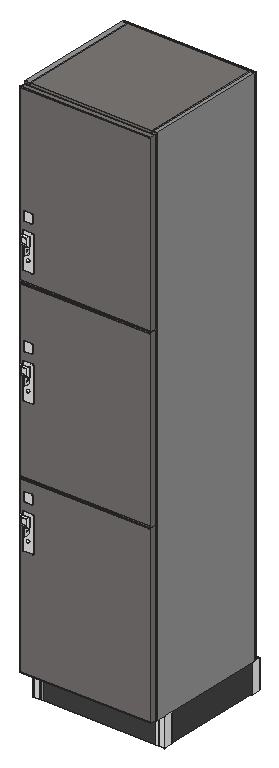
Revit family "Wood_Lockers_Hasps-Salsbury_Industries-18_43000_Series-1_Wide_Units.rfa", category Specialty Equipment, Revit 2016 (continued)
Definition of nested family "Premier Locker Doors_Hasp"
  Dimensions and locks (in)
    locked: plane 46 "Top of Hole" to plane 49 "Bottom of Hole" at 1.25
    plane 49 "Bottom of Hole" to plane 50 "Stud Alignment" = 0.750"
    locked: plane 42 to plane 51 "Center of Handle" at 0.625
    plane 52 to plane 51 "Center of Handle" to plane 53 = 0.188" locked, 0.188" locked
    plane 7 "Front of Door" to plane 39 "Front of Knob" = 0.750"
    locked: plane 42 to plane 54 at 0.22204
    locked: plane 55 to plane 45 at 0.22204
    locked: plane 7 "Front of Door" to plane 56 "Front of Latch" at 0.625
    locked: plane 57 to plane 58 at 1
    locked: plane 46 "Top of Hole" to plane 57 at 0.1281
    equal spacing: plane 58, plane 59, plane 57
    locked: plane 60 to plane 5 "Right Side of Door" at 0.594
    locked: plane 57 to plane 61 at 0.0599
    locked: plane 62 to plane 58 at 0.06376
    plane 12 "Bottom of Number Tag" to plane 20 "Top of Lock" = 1.1875"
    aligned and locked: level to plane 2
    aligned and locked: Extrusion 5 to plane 11 "Top of Number Tag"
    aligned and locked: plane 12 "Bottom of Number Tag" to Extrusion 5
    aligned and locked: Extrusion 5 to plane 14 "Right Side of Number Tag"
    aligned and locked: Extrusion 5 to plane 13 "Left Side of Number Tag"
    aligned and locked: plane 29 "Back of Number Plate Inset" to Extrusion 5
    aligned and locked: plane 7 "Front of Door" to Extrusion 5
    aligned and locked: plane 29 "Back of Number Plate Inset" to Extrusion 6
    aligned and locked: plane 7 "Front of Door" to Extrusion 6
    aligned and locked: Extrusion 6 to plane 14 "Right Side of Number Tag"
    aligned and locked: Extrusion 6 to plane 13 "Left Side of Number Tag"
    aligned and locked: Extrusion 6 to plane 11 "Top of Number Tag"
    aligned and locked: plane 12 "Bottom of Number Tag" to Extrusion 6
    aligned and locked: curve 9 to Extrusion 8
    aligned and locked: curve 10 to Extrusion 8
    aligned and locked: curve 11 to Extrusion 8
    aligned and locked: Extrusion 7 to curve 12
    aligned and locked: curve 14 to Extrusion 7
    aligned and locked: curve 16 to plane 7 "Front of Door"
    aligned and locked: curve 19 to Extrusion 8  (x2)
    aligned and locked: curve 21 to Extrusion 8
    aligned and locked: curve 18 to curve 22
    aligned and locked: curve 22 to Extrusion 9  (x2)
    aligned and locked: curve 24 to Extrusion 9
    aligned and locked: curve 25 to Extrusion 10
    aligned and locked: curve 26 to Extrusion 10
    aligned and locked: curve 27 to Extrusion 10
    aligned and locked: plane 20 "Top of Lock" to Extrusion 11 sketch curve
    aligned and locked: Extrusion 11 sketch curve to plane 21 "Bottom of Lock"
    aligned and locked: Extrusion 11 to plane 29 "Back of Number Plate Inset"
    aligned and locked: plane 7 "Front of Door" to Extrusion 11
    aligned and locked: Extrusion 3 to Extrusion 11
    aligned and locked: Sweep 14 to plane 50 "Stud Alignment"  (x2)
    aligned and locked: Extrusion 15 to plane 7 "Front of Door"
    aligned and locked: Extrusion 15 to plane 22 "Front of Hasp Stud"
    aligned and locked: Extrusion 15 to plane 50 "Stud Alignment"
    aligned and locked: Blend 17 to plane 39 "Front of Knob"
    aligned and locked: plane 38 "Inner Knob" to Blend 17
    aligned and locked: plane 6 "Back of Door" to Extrusion 18 sketch curve
    aligned and locked: plane 56 "Front of Latch" to Extrusion 18 sketch curve
    aligned and locked: Extrusion 18 to plane 57
    aligned and locked: plane 58 to Extrusion 18
    aligned and locked: plane 59 to cut or joined group of Extrusion 18, Extrusion 19
    aligned and locked: Extrusion 13 sketch curve to plane 61  (x2)
    aligned and locked: Extrusion 13 sketch curve to plane 62  (x2)
  Automatic sketch dimensions
    Extrusion 1 sketch curve to plane 4 "Left Side of Door" = 0.031"
    plane 5 "Right Side of Door" to Extrusion 1 sketch curve = 0.031"
    level to Extrusion 1 sketch curve = 0.031"
    plane 9 "Top of Door" to Extrusion 1 sketch curve = 0.031"
    Extrusion 2 sketch curve to plane 4 "Left Side of Door" = 0.031"
    plane 5 "Right Side of Door" to Extrusion 2 sketch curve = 0.031"
    level to Extrusion 2 sketch curve = 0.031"
    plane 9 "Top of Door" to Extrusion 2 sketch curve = 0.031"
    Extrusion 3 sketch curve to plane 4 "Left Side of Door" = 0.031"
    plane 5 "Right Side of Door" to Extrusion 3 sketch curve = 0.031"
    level to Extrusion 3 sketch curve = 0.031"
    plane 9 "Top of Door" to Extrusion 3 sketch curve = 0.031"
    plane 23 "Left Side of Door-Right Side of Trim" to Sweep 4 sketch curve = 0.000"
    plane 24 "Right Side of Door-Left Side of Trim" to Sweep 4 sketch curve = 0.000"  (x2)
    Sweep 4 sketch curve to plane 26 "Bottom of Door-Top of Trim" = 0.000"
    Sweep 4 sketch curve to plane 25 "Top of Door-Bottom of Trim" = 0.000"
    profile plane to Sweep 4 sketch curve = 0.125"
    Sweep 4 sketch curve to Sweep 4 sketch curve = 0.031"
    Sweep 4 sketch curve to plane 1 "Center (Front/Back)" = 0.375"
    plane 1 "Center (Front/Back)" to Sweep 4 sketch curve = 0.375"
    Extrusion 7 sketch curve to plane 33 = 0.000"
    Extrusion 7 sketch curve to plane 34 = 0.000"
    plane 36 to Extrusion 8 sketch curve = 0.000"
    Extrusion 8 sketch curve to Extrusion 8 sketch curve = 0.500"
    plane 35 "Top Hinge" to Extrusion 8 sketch curve = 0.250"
    Extrusion 8 sketch curve to plane 35 "Top Hinge" = 0.250"
    plane 36 to Extrusion 9 sketch curve = 0.000"
    Extrusion 9 sketch curve to Extrusion 9 sketch curve = 0.500"
    plane 37 "Bottom Hinge" to Extrusion 9 sketch curve = 0.250"
    Extrusion 9 sketch curve to plane 37 "Bottom Hinge" = 0.250"
    plane 36 to Extrusion 10 sketch curve = 0.000"
    Extrusion 10 sketch curve to Extrusion 10 sketch curve = 0.500"
    curve 4 to level = 0.000"
    plane 4 "Left Side of Door" to curve 4 = 0.000"
    plane 5 "Right Side of Door" to curve 3 = 0.000"
    curve 3 to plane 9 "Top of Door" = 0.000"
    Extrusion 5 sketch curve to plane 13 "Left Side of Number Tag" = 0.000"
    Extrusion 5 sketch curve to plane 12 "Bottom of Number Tag" = 0.000"
    Extrusion 5 sketch curve to plane 11 "Top of Number Tag" = 0.000"
    Extrusion 5 sketch curve to plane 14 "Right Side of Number Tag" = 0.000"
    Extrusion 6 sketch curve to plane 13 "Left Side of Number Tag" = 0.000"
    Extrusion 6 sketch curve to plane 12 "Bottom of Number Tag" = 0.000"
    Extrusion 6 sketch curve to plane 11 "Top of Number Tag" = 0.000"
    Extrusion 6 sketch curve to plane 14 "Right Side of Number Tag" = 0.000"
    Extrusion 11 sketch curve to plane 13 "Left Side of Number Tag" = 0.125"
    Extrusion 10 sketch curve to plane 10 "Center of Door" = 0.250"
    plane 10 "Center of Door" to Extrusion 10 sketch curve = 0.250"
    Extrusion 11 sketch curve to plane 21 "Bottom of Lock" = 0.125"
    plane 13 "Left Side of Number Tag" to Extrusion 5 sketch curve = 0.14916"
    Extrusion 5 sketch curve to Extrusion 5 sketch curve = 0.14916"  (x2)
    plane 13 "Left Side of Number Tag" to Extrusion 6 sketch curve = 0.14916"
    Extrusion 6 sketch curve to plane 12 "Bottom of Number Tag" = 0.14916"
    plane 13 "Left Side of Number Tag" to Extrusion 11 sketch curve = 0.000"  (x2)
    Extrusion 5 sketch curve to plane 12 "Bottom of Number Tag" = 0.14916"
    Extrusion 6 sketch curve to plane 14 "Right Side of Number Tag" = 0.14916"  (x2)
    plane 14 "Right Side of Number Tag" to Extrusion 11 sketch curve = 0.000"  (x2)
    Extrusion 12 sketch curve to plane 17 "Left Side of Lock" = 0.000"
    plane 13 "Left Side of Number Tag" to Extrusion 12 sketch curve = 0.000"  (x2)
    plane 14 "Right Side of Number Tag" to Extrusion 12 sketch curve = 0.000"  (x2)
    Extrusion 12 sketch curve to plane 20 "Top of Lock" = 0.000"
    Extrusion 12 sketch curve to plane 18 "Right Side of Lock" = 0.000"
    Extrusion 12 sketch curve to plane 21 "Bottom of Lock" = 0.125"
    plane 15 "Horizontal Center of Number Tag" to Sweep 14 sketch curve = 0.000"
    Sweep 14 sketch curve to plane 50 "Stud Alignment" = 0.000"
    Sweep 14 sketch curve to plane 7 "Front of Door" = 0.000"
    Sweep 14 sketch curve to profile plane = 0.000"
    profile plane to Sweep 14 sketch curve = 0.00168"
    profile plane to Sweep 14 sketch curve = 0.156"
    Sweep 14 sketch curve to plane 7 "Front of Door" = 0.03275"
    Extrusion 15 sketch curve to Extrusion 15 sketch curve = 0.000"  (x2)
    Extrusion 15 sketch curve to plane 50 "Stud Alignment" = 0.000"
    plane 15 "Horizontal Center of Number Tag" to Extrusion 15 sketch curve = 0.000"
    plane 15 "Horizontal Center of Number Tag" to Extrusion 15 sketch curve = 0.010"
    plane 13 "Left Side of Number Tag" to Sweep 16 sketch curve = 0.000"
    plane 14 "Right Side of Number Tag" to Sweep 16 sketch curve = 0.000"
    Sweep 16 sketch curve to plane 45 = 0.000"
    Sweep 16 sketch curve to plane 42 = 0.000"
    Sweep 16 sketch curve to plane 7 "Front of Door" = 0.000"
    profile plane to Sweep 16 sketch curve = 0.000"
    profile plane to Sweep 16 sketch curve = 0.22043"
    Sweep 16 sketch curve to Sweep 16 sketch curve = 0.01681"
    profile plane to Sweep 16 sketch curve = 0.33926"
    Sweep 16 sketch curve to Sweep 16 sketch curve = 0.14344"
    Sweep 16 sketch curve to Sweep 16 sketch curve = 0.15329"
    Sweep 16 sketch curve to Sweep 16 sketch curve = 0.59563"
    Sweep 16 sketch curve to Sweep 16 sketch curve = 0.24142"
    Sweep 16 sketch curve to Sweep 16 sketch curve = 0.00858"
    Sweep 16 sketch curve to Sweep 16 sketch curve = 0.51788"
    Sweep 16 sketch curve to Sweep 16 sketch curve = 0.31119"
    Sweep 16 sketch curve to Sweep 16 sketch curve = 0.11721"
    Sweep 16 sketch curve to Sweep 16 sketch curve = 0.01742"
    Sweep 16 sketch curve to Sweep 16 sketch curve = 0.06553"
    Sweep 16 sketch curve to Sweep 16 sketch curve = 0.000"
    Blend 17 sketch curve to plane 54 = 0.000"
    Blend 17 sketch curve to plane 55 = 0.000"
    Blend 17 sketch curve to plane 47 = 0.21496"
    plane 48 to Blend 17 sketch curve = 0.21496"
    plane 54 to Blend 17 sketch curve = 0.03267"
    Blend 17 sketch curve to plane 40 = 0.00461"
    Blend 17 sketch curve to plane 47 = 0.18235"
    plane 48 to Blend 17 sketch curve = 0.18227"
    Extrusion 18 sketch curve to plane 57 = 0.000"
    Extrusion 18 sketch curve to plane 58 = 0.000"
    plane 59 to Extrusion 19 sketch curve = 0.000"
    Extrusion 19 sketch curve to plane 22 "Front of Hasp Stud" = 0.16637"
    curve 29 to plane 14 "Right Side of Number Tag" = 0.000"
    curve 29 to plane 20 "Top of Lock" = 0.000"
    curve 30 to plane 18 "Right Side of Lock" = 0.000"
    curve 29 to plane 13 "Left Side of Number Tag" = 0.000"
    curve 31 to plane 42 = 0.000"
    curve 32 to plane 21 "Bottom of Lock" = 0.125"
    curve 34 to plane 14 "Right Side of Number Tag" = 0.000"
    curve 35 to plane 13 "Left Side of Number Tag" = 0.000"
    plane 15 "Horizontal Center of Number Tag" to curve 37 = 0.000"
    plane 47 to curve 37 = 0.000"
    plane 57 to curve 37 = 0.0599"
    curve 39 to plane 58 = 0.0661"
    curve 42 to plane 14 "Right Side of Number Tag" = 0.000"
    curve 41 to plane 13 "Left Side of Number Tag" = 0.000"
    curve 41 to plane 45 = 0.000"
    curve 43 to plane 42 = 0.000"
    curve 46 to plane 57 = 0.000"
    curve 46 to plane 15 "Horizontal Center of Number Tag" = 0.063"
    plane 15 "Horizontal Center of Number Tag" to curve 45 = 0.063"
    curve 47 to plane 58 = 0.000"
    curve 15 to plane 6 "Back of Door" = 0.000"
    plane 9 "Top of Door" to curve 15 = 0.000"
    plane 57 to curve 49 = 0.000"
    curve 51 to plane 56 "Front of Latch" = 0.000"
    plane 58 to curve 51 = 0.000"
    curve 17 to level = 0.000"
    plane 59 to curve 52 = 0.000"
    curve 53 to plane 22 "Front of Hasp Stud" = 0.16637"
    plane 7 "Front of Door" to curve 53 = 0.04137"
    plane 53 to curve 54 = 0.05633"
    curve 54 to plane 22 "Front of Hasp Stud" = 0.11642"
    plane 55 to curve 55 = 0.00161"
    curve 55 to plane 40 = 0.00465"
    plane 45 to curve 56 = 0.000"
    curve 56 to plane 39 "Front of Knob" = 0.01788"
    curve 56 to plane 40 = 0.08926"
    plane 55 to curve 57 = 0.000"
    curve 57 to plane 40 = 0.03757"
    plane 39 "Front of Knob" to curve 57 = 0.004"
    plane 42 to curve 60 = 0.000"
    curve 58 to plane 39 "Front of Knob" = 0.000"
    plane 54 to curve 58 = 0.000"
    plane 54 to curve 59 = 0.000"
    plane 55 to curve 58 = 0.000"
    curve 60 to plane 39 "Front of Knob" = 0.01788"
    curve 60 to plane 52 = 0.09774"
    plane 54 to curve 60 = 0.03261"
    plane 56 "Front of Latch" to curve 59 = 0.02711"
    plane 54 to curve 59 = 0.06553"
    plane 39 "Front of Knob" to curve 59 = 0.004"
    curve 61 to plane 54 = 0.00161"
    curve 61 to plane 22 "Front of Hasp Stud" = 0.11642"
    plane 6 "Back of Door" to curve 9 = 0.000"
    curve 6 to plane 4 "Left Side of Door" = 0.000"
    plane 7 "Front of Door" to curve 6 = 0.000"
    plane 7 "Front of Door" to curve 28 = 0.000"
    curve 67 to plane 14 "Right Side of Number Tag" = 0.000"
    curve 65 to plane 13 "Left Side of Number Tag" = 0.000"
    curve 66 to plane 39 "Front of Knob" = 0.000"
    curve 28 to plane 17 "Left Side of Lock" = 0.000"
    curve 28 to plane 18 "Right Side of Lock" = 0.000"
    curve 8 to plane 5 "Right Side of Door" = 0.000"
    curve 64 to plane 22 "Front of Hasp Stud" = 0.11642"
    curve 69 to plane 22 "Front of Hasp Stud" = 0.11642"
    curve 68 to plane 39 "Front of Knob" = 0.01788"
    curve 65 to plane 39 "Front of Knob" = 0.01788"
    curve 14 to plane 23 "Left Side of Door-Right Side of Trim" = 0.07537"
    plane 48 to curve 64 = 0.21657"
    plane 48 to curve 65 = 0.09774"
    plane 48 to curve 63 = 0.05633"
    curve 70 to plane 47 = 0.05633"
    curve 68 to plane 47 = 0.09774"
    curve 69 to curve 69 = 0.16024"
    curve 64 to curve 65 = 0.15655"
    curve 69 to curve 68 = 0.15655"
    plane 39 "Front of Knob" to curve 67 = 0.004"
    plane 33 to curve 14 = 0.250"
    curve 66 to curve 65 = 0.11721"
    curve 67 to plane 47 = 0.14943"
    curve 68 to curve 66 = 0.11721"
    curve 67 to curve 66 = 0.000"
    plane 39 "Front of Knob" to curve 71 = 0.004"
    curve 71 to curve 66 = 0.000"
    plane 48 to curve 71 = 0.14943"
    plane 1 "Center (Front/Back)" to curve 73 = 0.000"
    curve 73 to plane 4 "Left Side of Door" = 0.000"
    curve 73 to plane 60 = 0.000"
    plane 48 to Extrusion 13 sketch curve = 0.000"
    plane 15 "Horizontal Center of Number Tag" to Extrusion 13 sketch curve = 0.000"
    radius of Extrusion 7 sketch curve = 0.250"
    radius of Sweep 14 sketch curve = 0.010"
    radius of Extrusion 19 sketch curve = 0.250"
Definition of nested family "Wood Locker Bases"
  Parameters (values of type "Base - 18" W x 18" D Lockers")
    Width = 18.000"
    Visible Base = yes
    Visible = no
    Model = "Base - 18\" W x 18\" D Lockers"
    Manufacturer = "Salsbury Industries"
    Height = 4.000"
    Depth = 16.250"
    Base Secondary Material = none
    Base Primary Materials = none
    Base Hardware = none
  Types (8): name | Width | Visible Base | Visible | Model | Depth
    (no name) | 18.000" | yes | no | "Base - 18\" W x 18\" D Lockers" | 16.250"
    Base - 18" W x 18" D Lockers | 18.000" | yes | no | "Base - 18\" W x 18\" D Lockers" | 16.250"
    Base - 18" W x 21" D Lockers | 18.000" | yes | no | "Base - 18\" W x 21\" D Lockers" | 19.250"
    Base - 18" W x 24" D Lockers | 18.000" | yes | no | "Base - 18\" W x 24\" D Lockers" | 22.250"
    Base - 54" W x 18" D Lockers | 54.000" | yes | yes | "Base - 54\" W x 18\" D Lockers" | 16.250"
    Base - 54" W x 21" D Lockers | 54.000" | yes | yes | "Base - 54\" W x 21\" D Lockers" | 19.250"
    Base - 54" W x 24" D Lockers | 54.000" | yes | yes | "Base - 54\" W x 24\" D Lockers" | 22.250"
    None | 12.000" | no | no | "Base - 12\" W x 15\" D Lockers" | 13.250"
  Reference planes (in)
    plane 1 "Center (Front/Back)": y = 0
    plane 2: z = 0
    plane 3 "Center (Left/Right)": x = 0
    plane 4 "Left Edge": x = -9
    plane 5 "Right Edge": x = 9
    plane 6 "Back Edge": y = 8.125
    plane 7 "Front Edge": y = -8.125
    plane 8 "Bottom Edge": z = 0
    plane 9 "Top Edge": z = 4
    plane 10: x = -7.75
    plane 11: x = -7.102
    plane 12: y = 8.062
    plane 13: y = 7.3
    plane 14: x = -8.131
    plane 15: x = -8.256
    plane 16: x = -8.937
    plane 17: x = -8.175
    plane 18: y = 6.227
    plane 19: y = 6.875
    plane 20: y = 7.256
    plane 21: y = 7.381
    plane 22: x = -8.931
    plane 23: x = 8.931
    plane 24: y = 8.056
    plane 25: y = -8.056
    plane 26: y = 8.025
    plane 27: y = -8.025
    plane 28: x = -8.9
    plane 29: x = 8.9
    plane 30: x = -2.375
    plane 31: x = 2.375
  Forms (in)
    Extrusion 1, solid, material <- "Base Hardware", visible <- "Visible Base"
      sketch origin (0, 0, 0) x (1, 0, 0) y (0, 1, 0)
        loop
          arc (-8.96712, 8.125) -> (-8.99098, 8.11598) -> (-9, 8.09212) r 0.031
          line (-9, 8.09212) -> (-9, 6.9065)
          arc (-9, 6.9065) -> (-8.9685, 6.875) -> (-8.937, 6.9065) r 0.0315
          line (-8.937, 6.9065) -> (-8.937, 7.256) -> (-8.837, 7.256) -> (-8.837, 7.319) -> (-8.937, 7.319) -> (-8.937, 8.01465) -> (-8.256, 7.33365) -> (-8.256, 7.256) -> (-8.175, 7.256) -> (-8.175, 6.25833)
          arc (-8.175, 6.25833) -> (-8.14367, 6.227) -> (-8.11235, 6.25833) r 0.03133
          line (-8.11235, 6.25833) -> (-8.11235, 7.23703) -> (-7.13348, 7.23703)
          arc (-7.13348, 7.23703) -> (-7.102, 7.26852) -> (-7.13348, 7.3) r 0.03148
          line (-7.13348, 7.3) -> (-8.131, 7.3) -> (-8.131, 7.381) -> (-8.21422, 7.381) -> (-8.89522, 8.062) -> (-8.194, 8.062) -> (-8.194, 7.962) -> (-8.131, 7.962) -> (-8.131, 8.062) -> (-7.7814, 8.062)
          arc (-7.7814, 8.062) -> (-7.7499, 8.0935) -> (-7.7814, 8.125) r 0.0315
          line (-7.7814, 8.125) -> (-8.96712, 8.125)
      from 0 to 4
    Extrusion 2, solid, material <- "Base Hardware", visible <- "Visible Base"
      sketch origin (0, 0, 0) x (-1, 0, 0) y (0, -1, 0)
        loop
          line (-8.96712, -8.125) -> (-7.7814, -8.125)
          arc (-7.7814, -8.125) -> (-7.7499, -8.0935) -> (-7.7814, -8.062) r 0.0315
          line (-7.7814, -8.062) -> (-8.131, -8.062) -> (-8.131, -7.962) -> (-8.194, -7.962) -> (-8.194, -8.062) -> (-8.89522, -8.062) -> (-8.21422, -7.381) -> (-8.131, -7.381) -> (-8.131, -7.3) -> (-7.13348, -7.3)
          arc (-7.13348, -7.3) -> (-7.102, -7.26852) -> (-7.13348, -7.23703) r 0.03148
          line (-7.13348, -7.23703) -> (-8.11235, -7.23703) -> (-8.11235, -6.25833)
          arc (-8.11235, -6.25833) -> (-8.14367, -6.227) -> (-8.175, -6.25833) r 0.03133
          line (-8.175, -6.25833) -> (-8.175, -7.256) -> (-8.256, -7.256) -> (-8.256, -7.33365) -> (-8.937, -8.01465) -> (-8.937, -7.319) -> (-8.837, -7.319) -> (-8.837, -7.256) -> (-8.937, -7.256) -> (-8.937, -6.9065)
          arc (-8.937, -6.9065) -> (-8.9685, -6.875) -> (-9, -6.9065) r 0.0315
          line (-9, -6.9065) -> (-9, -8.09212)
          arc (-9, -8.09212) -> (-8.99098, -8.11598) -> (-8.96712, -8.125) r 0.031
      from 0 to 4
    Extrusion 3, solid, material <- "Base Hardware", visible <- "Visible Base"
      sketch origin (0, 0, 0) x (1, 0, 0) y (0, 1, 0)
        loop
          line (-8.96712, -8.125) -> (-7.7814, -8.125)
          arc (-7.7814, -8.125) -> (-7.7499, -8.0935) -> (-7.7814, -8.062) r 0.0315
          line (-7.7814, -8.062) -> (-8.131, -8.062) -> (-8.131, -7.962) -> (-8.194, -7.962) -> (-8.194, -8.062) -> (-8.89522, -8.062) -> (-8.21422, -7.381) -> (-8.131, -7.381) -> (-8.131, -7.3) -> (-7.13348, -7.3)
          arc (-7.13348, -7.3) -> (-7.102, -7.26852) -> (-7.13348, -7.23703) r 0.03148
          line (-7.13348, -7.23703) -> (-8.11235, -7.23703) -> (-8.11235, -6.25833)
          arc (-8.11235, -6.25833) -> (-8.14367, -6.227) -> (-8.175, -6.25833) r 0.03133
          line (-8.175, -6.25833) -> (-8.175, -7.256) -> (-8.256, -7.256) -> (-8.256, -7.33365) -> (-8.937, -8.01465) -> (-8.937, -7.319) -> (-8.837, -7.319) -> (-8.837, -7.256) -> (-8.937, -7.256) -> (-8.937, -6.9065)
          arc (-8.937, -6.9065) -> (-8.9685, -6.875) -> (-9, -6.9065) r 0.0315
          line (-9, -6.9065) -> (-9, -8.09212)
          arc (-9, -8.09212) -> (-8.99098, -8.11598) -> (-8.96712, -8.125) r 0.031
      from 0 to 4
    Extrusion 4, solid, material <- "Base Hardware", visible <- "Visible Base"
      sketch origin (0, 0, 0) x (-1, 0, 0) y (0, -1, 0)
        loop
          arc (-8.96712, 8.125) -> (-8.99098, 8.11598) -> (-9, 8.09212) r 0.031
          line (-9, 8.09212) -> (-9, 6.9065)
          arc (-9, 6.9065) -> (-8.9685, 6.875) -> (-8.937, 6.9065) r 0.0315
          line (-8.937, 6.9065) -> (-8.937, 7.256) -> (-8.837, 7.256) -> (-8.837, 7.319) -> (-8.937, 7.319) -> (-8.937, 8.01465) -> (-8.256, 7.33365) -> (-8.256, 7.256) -> (-8.175, 7.256) -> (-8.175, 6.25833)
          arc (-8.175, 6.25833) -> (-8.14367, 6.227) -> (-8.11235, 6.25833) r 0.03133
          line (-8.11235, 6.25833) -> (-8.11235, 7.23703) -> (-7.13348, 7.23703)
          arc (-7.13348, 7.23703) -> (-7.102, 7.26852) -> (-7.13348, 7.3) r 0.03148
          line (-7.13348, 7.3) -> (-8.131, 7.3) -> (-8.131, 7.381) -> (-8.21422, 7.381) -> (-8.89522, 8.062) -> (-8.194, 8.062) -> (-8.194, 7.962) -> (-8.131, 7.962) -> (-8.131, 8.062) -> (-7.7814, 8.062)
          arc (-7.7814, 8.062) -> (-7.7499, 8.0935) -> (-7.7814, 8.125) r 0.0315
          line (-7.7814, 8.125) -> (-8.96712, 8.125)
      from 0 to 4
    Extrusion 5, solid, material <- "Base Secondary Material", visible <- "Visible Base"
      sketch origin (0, 0, 0) x (0, -1, 0) y (1, 0, 0)
        loop
          line (-7.256, 8.9) -> (-7.256, 8.181) -> (7.25697, 8.181) -> (7.25697, 8.9) -> (-7.256, 8.9)
      from 0 to 4
    Extrusion 6, solid, material <- "Base Secondary Material", visible <- "Visible Base"
      sketch origin (0, 0, 0) x (0, -1, 0) y (1, 0, 0)
        loop
          line (-7.256, -8.9) -> (7.25697, -8.9) -> (7.25697, -8.181) -> (-7.256, -8.181) -> (-7.256, -8.9)
      from 0 to 4
    Extrusion 7, solid, material <- "Base Secondary Material", visible <- "Visible Base"
      sketch origin (-2.05521, 0.625, 0) x (1, 0, 0) y (0, 1, 0)
        loop
          line (-6.07579, 7.4) -> (-6.07579, 6.681) -> (10.18621, 6.681) -> (10.18621, 7.4) -> (-6.07579, 7.4)
      from 0 to 4
    Extrusion 8, solid, material <- "Base Secondary Material", visible <- "Visible Base"
      sketch origin (-2.05521, -0.625, 0) x (1, 0, 0) y (0, 1, 0)
        loop
          line (-6.07579, -7.4) -> (10.18621, -7.4) -> (10.18621, -6.681) -> (-6.07579, -6.681) -> (-6.07579, -7.4)
      from 0 to 4
    Extrusion 9, solid, material <- "Base Primary Materials", visible <- "Visible Base"
      sketch origin (0.76452, 0, 0) x (0, -1, 0) y (1, 0, 0)
        loop
          line (-7.256, 8.16648) -> (-7.256, 8.13548) -> (7.25697, 8.13548) -> (7.25697, 8.16648) -> (-7.256, 8.16648)
      from 0 to 4
    Extrusion 10, solid, material <- "Base Primary Materials", visible <- "Visible Base"
      sketch origin (-0.719, 0, 0) x (0, -1, 0) y (1, 0, 0)
        loop
          line (-7.256, -8.212) -> (7.25697, -8.212) -> (7.25697, -8.181) -> (-7.256, -8.181) -> (-7.256, -8.212)
      from 0 to 4
    Extrusion 11, solid, material <- "Base Primary Materials", visible <- "Visible Base"
      sketch origin (-2.05521, 1.344, 0) x (1, 0, 0) y (0, 1, 0)
        loop
          line (-6.07579, 6.718) -> (-6.07579, 6.681) -> (10.18621, 6.681) -> (10.18621, 6.718) -> (-6.07579, 6.718)
      from 0 to 4
    Extrusion 12, solid, material <- "Base Primary Materials", visible <- "Visible Base"
      sketch origin (-2.05521, -1.344, 0) x (1, 0, 0) y (0, 1, 0)
        loop
          line (-6.07579, -6.712) -> (10.18621, -6.712) -> (10.18621, -6.681) -> (-6.07579, -6.681) -> (-6.07579, -6.712)
      from 0 to 4
    Extrusion 13, solid, material <- "Base Secondary Material", visible <- "Visible"
      sketch origin (0, 0, 4) x (0, -1, 0) y (1, 0, 0)
        loop
          line (-7.306, -2.375) -> (7.306, -2.375) -> (7.306, 2.375) -> (-7.306, 2.375) -> (-7.306, -2.375)
      from 0 to -0.75
    Extrusion 14, solid, material <- "Base Secondary Material", visible <- "Visible"
      sketch origin (0, 0, 0) x (0, -1, 0) y (1, 0, 0)
        loop
          line (-7.306, -2.375) -> (-6.556, -2.375) -> (-6.556, 2.375) -> (-7.306, 2.375) -> (-7.306, -2.375)
      from 0 to 3.25
    Extrusion 15, solid, material <- "Base Secondary Material", visible <- "Visible"
      sketch origin (0, 0, 0) x (0, 1, 0) y (-1, 0, 0)
        loop
          line (-7.306, 2.375) -> (-7.306, -2.375) -> (-6.556, -2.375) -> (-6.556, 2.375) -> (-7.306, 2.375)
      from 0 to 3.25
  Dimensions and locks (in)
    equal spacing: plane 4 "Left Edge", plane 3 "Center (Left/Right)", plane 5 "Right Edge"
    "Width": plane 4 "Left Edge" to plane 5 "Right Edge"
    equal spacing: plane 7 "Front Edge", plane 1 "Center (Front/Back)", plane 6 "Back Edge"
    "Depth": plane 7 "Front Edge" to plane 6 "Back Edge"
    "Height": plane 9 "Top Edge" to plane 8 "Bottom Edge"
    locked: plane 4 "Left Edge" to plane 10 at 1.25
    locked: plane 4 "Left Edge" to plane 11 at 1.898
    locked: plane 12 to plane 6 "Back Edge" at 0.063
    plane 14 to plane 10 = 0.381"
    locked: plane 12 to plane 13 at 0.762
    locked: plane 4 "Left Edge" to plane 16 at 0.063
    locked: plane 16 to plane 17 at 0.762
    locked: plane 19 to plane 6 "Back Edge" at 1.25
    locked: plane 18 to plane 6 "Back Edge" at 1.898
    plane 15 to plane 17 = 0.081"
    plane 21 to plane 13 = 0.081"
    plane 19 to plane 20 = 0.381"
    plane 24 to plane 6 "Back Edge" = 0.069"
    plane 7 "Front Edge" to plane 25 = 0.069"
    plane 23 to plane 5 "Right Edge" = 0.069"
    plane 4 "Left Edge" to plane 22 = 0.069"
    plane 26 to plane 24 = 0.031"
    plane 25 to plane 27 = 0.031"
    plane 22 to plane 28 = 0.031"
    plane 29 to plane 23 = 0.031"
    plane 30 to plane 3 "Center (Left/Right)" to plane 31 = 2.375" locked, 2.375" locked
    aligned and locked: level to plane 2
    aligned and locked: plane 30 to Extrusion 13
    aligned and locked: plane 30 to Extrusion 14
    aligned and locked: plane 30 to Extrusion 15
    aligned and locked: Extrusion 13 to plane 31
    aligned and locked: Extrusion 14 to plane 31
    aligned and locked: Extrusion 15 to plane 31
  Automatic sketch dimensions
    Extrusion 1 sketch curve to plane 4 "Left Edge" = 0.000"
    plane 6 "Back Edge" to Extrusion 1 sketch curve = 0.000"
    Extrusion 1 sketch curve to plane 16 = 0.000"  (x2)
    Extrusion 1 sketch curve to plane 12 = 0.000"  (x2)
    plane 20 to Extrusion 1 sketch curve = 0.000"  (x2)
    Extrusion 1 sketch curve to plane 15 = 0.000"
    plane 21 to Extrusion 1 sketch curve = 0.000"
    Extrusion 1 sketch curve to plane 17 = 0.000"
    Extrusion 1 sketch curve to plane 14 = 0.000"  (x2)
    Extrusion 1 sketch curve to plane 13 = 0.000"
    Extrusion 1 sketch curve to plane 4 "Left Edge" = 0.03094"
    plane 16 to Extrusion 1 sketch curve = 0.03012"
    Extrusion 1 sketch curve to plane 28 = 0.00478"
    Extrusion 1 sketch curve to plane 28 = 0.063"
    plane 17 to Extrusion 1 sketch curve = 0.03922"
    plane 17 to Extrusion 1 sketch curve = 0.019"
    plane 14 to Extrusion 1 sketch curve = 0.01267"
    plane 10 to Extrusion 1 sketch curve = 0.0314"
    plane 11 to Extrusion 1 sketch curve = 0.03148"
    plane 20 to Extrusion 1 sketch curve = 0.01897"
    Extrusion 1 sketch curve to plane 19 = 0.0315"
    Extrusion 1 sketch curve to plane 18 = 0.03133"
    plane 13 to Extrusion 1 sketch curve = 0.019"
    plane 13 to Extrusion 1 sketch curve = 0.03365"
    plane 26 to Extrusion 1 sketch curve = 0.063"
    plane 26 to Extrusion 1 sketch curve = 0.01035"
    plane 12 to Extrusion 1 sketch curve = 0.03012"
    Extrusion 2 sketch curve to plane 5 "Right Edge" = 0.000"
    plane 6 "Back Edge" to Extrusion 2 sketch curve = 0.000"
    plane 20 to Extrusion 2 sketch curve = 0.000"  (x2)
    plane 12 to Extrusion 2 sketch curve = 0.000"  (x2)
    plane 21 to Extrusion 2 sketch curve = 0.000"
    plane 13 to Extrusion 2 sketch curve = 0.000"
    Extrusion 2 sketch curve to plane 5 "Right Edge" = 0.03094"
    Extrusion 2 sketch curve to Extrusion 2 sketch curve = 0.0315"
    Extrusion 2 sketch curve to Extrusion 2 sketch curve = 0.00194"
    plane 23 to Extrusion 2 sketch curve = 0.006"
    Extrusion 2 sketch curve to plane 29 = 0.00478"
    Extrusion 2 sketch curve to plane 29 = 0.063"
    Extrusion 2 sketch curve to plane 13 = 0.03365"
    Extrusion 2 sketch curve to Extrusion 2 sketch curve = 0.581"
    Extrusion 2 sketch curve to Extrusion 2 sketch curve = 0.04178"
    Extrusion 2 sketch curve to plane 26 = 0.063"
    Extrusion 2 sketch curve to Extrusion 2 sketch curve = 0.02022"
    plane 18 to Extrusion 2 sketch curve = 0.03133"
    Extrusion 2 sketch curve to plane 29 = 0.725"
    Extrusion 2 sketch curve to Extrusion 2 sketch curve = 0.03133"
    Extrusion 2 sketch curve to Extrusion 2 sketch curve = 0.063"
    Extrusion 2 sketch curve to Extrusion 2 sketch curve = 0.08322"
    Extrusion 2 sketch curve to Extrusion 2 sketch curve = 0.3496"
    Extrusion 2 sketch curve to Extrusion 2 sketch curve = 0.97886"
    plane 19 to Extrusion 2 sketch curve = 0.0315"
    Extrusion 2 sketch curve to plane 20 = 0.01897"
    Extrusion 2 sketch curve to plane 13 = 0.019"
    Extrusion 2 sketch curve to plane 26 = 0.01035"
    Extrusion 2 sketch curve to plane 12 = 0.03012"
    Extrusion 3 sketch curve to plane 4 "Left Edge" = 0.000"
    plane 7 "Front Edge" to Extrusion 3 sketch curve = 0.000"
    Extrusion 3 sketch curve to plane 16 = 0.000"  (x2)
    Extrusion 3 sketch curve to plane 15 = 0.000"
    Extrusion 3 sketch curve to plane 17 = 0.000"
    Extrusion 3 sketch curve to plane 14 = 0.000"  (x2)
    plane 4 "Left Edge" to Extrusion 3 sketch curve = 0.03094"
    Extrusion 3 sketch curve to plane 16 = 0.03012"
    plane 28 to Extrusion 3 sketch curve = 0.00478"
    plane 28 to Extrusion 3 sketch curve = 0.063"
    Extrusion 3 sketch curve to plane 17 = 0.03922"
    Extrusion 3 sketch curve to plane 17 = 0.019"
    Extrusion 3 sketch curve to plane 14 = 0.01267"
    Extrusion 3 sketch curve to plane 25 = 0.006"  (x2)
    Extrusion 3 sketch curve to plane 10 = 0.0314"
    Extrusion 3 sketch curve to plane 11 = 0.03148"
    plane 27 to Extrusion 3 sketch curve = 0.01035"
    plane 27 to Extrusion 3 sketch curve = 0.063"
    Extrusion 3 sketch curve to Extrusion 3 sketch curve = 0.581"
    Extrusion 3 sketch curve to Extrusion 3 sketch curve = 0.04735"
    Extrusion 3 sketch curve to Extrusion 3 sketch curve = 0.01465"
    Extrusion 3 sketch curve to Extrusion 3 sketch curve = 0.081"
    Extrusion 3 sketch curve to Extrusion 3 sketch curve = 0.03148"
    Extrusion 3 sketch curve to Extrusion 3 sketch curve = 0.044"
    Extrusion 3 sketch curve to Extrusion 3 sketch curve = 0.063"
    Extrusion 3 sketch curve to Extrusion 3 sketch curve = 0.3495"
    Extrusion 3 sketch curve to Extrusion 3 sketch curve = 0.97871"
    plane 7 "Front Edge" to Extrusion 3 sketch curve = 0.03288"
    Extrusion 4 sketch curve to plane 5 "Right Edge" = 0.000"
    plane 7 "Front Edge" to Extrusion 4 sketch curve = 0.000"
    plane 5 "Right Edge" to Extrusion 4 sketch curve = 0.03094"
    Extrusion 4 sketch curve to Extrusion 4 sketch curve = 0.0315"
    Extrusion 4 sketch curve to Extrusion 4 sketch curve = 0.00194"
    Extrusion 4 sketch curve to plane 23 = 0.006"
    plane 29 to Extrusion 4 sketch curve = 0.00478"
    plane 29 to Extrusion 4 sketch curve = 0.063"
    Extrusion 4 sketch curve to Extrusion 4 sketch curve = 0.581"
    Extrusion 4 sketch curve to Extrusion 4 sketch curve = 0.04178"
    Extrusion 4 sketch curve to plane 27 = 0.063"
    Extrusion 4 sketch curve to Extrusion 4 sketch curve = 0.02022"
    plane 29 to Extrusion 4 sketch curve = 0.725"
    Extrusion 4 sketch curve to Extrusion 4 sketch curve = 0.03133"
    Extrusion 4 sketch curve to Extrusion 4 sketch curve = 0.063"  (x2)
    Extrusion 4 sketch curve to Extrusion 4 sketch curve = 0.08322"
    plane 25 to Extrusion 4 sketch curve = 0.006"  (x2)
    Extrusion 4 sketch curve to Extrusion 4 sketch curve = 0.3496"
    Extrusion 4 sketch curve to plane 27 = 0.725"
    Extrusion 4 sketch curve to Extrusion 4 sketch curve = 0.97886"
    Extrusion 4 sketch curve to Extrusion 4 sketch curve = 0.03148"
    Extrusion 4 sketch curve to Extrusion 4 sketch curve = 0.044"
    Extrusion 4 sketch curve to Extrusion 4 sketch curve = 0.000"
    Extrusion 4 sketch curve to Extrusion 4 sketch curve = 0.3495"
    Extrusion 4 sketch curve to Extrusion 4 sketch curve = 0.97871"
    Extrusion 4 sketch curve to Extrusion 4 sketch curve = 0.07765"
    Extrusion 4 sketch curve to Extrusion 4 sketch curve = 0.081"
    Extrusion 4 sketch curve to plane 27 = 0.01035"
    Extrusion 4 sketch curve to plane 7 "Front Edge" = 0.03288"
    plane 20 to Extrusion 5 sketch curve = 0.000"
    Extrusion 5 sketch curve to plane 29 = 0.000"
    Extrusion 5 sketch curve to plane 27 = 0.76803"
    plane 29 to Extrusion 5 sketch curve = 0.719"
    plane 20 to Extrusion 6 sketch curve = 0.000"
    Extrusion 6 sketch curve to plane 28 = 0.000"
    plane 27 to Extrusion 6 sketch curve = 0.76803"
    Extrusion 6 sketch curve to plane 17 = 0.006"
    Extrusion 7 sketch curve to plane 14 = 0.000"
    plane 26 to Extrusion 7 sketch curve = 0.000"
    plane 29 to Extrusion 7 sketch curve = 0.769"
    plane 13 to Extrusion 7 sketch curve = 0.006"
    Extrusion 8 sketch curve to plane 14 = 0.000"
    plane 27 to Extrusion 8 sketch curve = 0.000"
    Extrusion 8 sketch curve to plane 29 = 0.769"
    plane 27 to Extrusion 8 sketch curve = 0.719"
    plane 20 to Extrusion 9 sketch curve = 0.000"
    Extrusion 9 sketch curve to plane 23 = 0.000"
    Extrusion 9 sketch curve to plane 29 = 0.000"
    Extrusion 9 sketch curve to plane 27 = 0.76803"
    plane 20 to Extrusion 10 sketch curve = 0.000"
    Extrusion 10 sketch curve to plane 22 = 0.000"
    Extrusion 10 sketch curve to plane 28 = 0.000"
    plane 27 to Extrusion 10 sketch curve = 0.76803"
    Extrusion 11 sketch curve to plane 14 = 0.000"
    plane 12 to Extrusion 11 sketch curve = 0.000"
    plane 26 to Extrusion 11 sketch curve = 0.000"
    plane 29 to Extrusion 11 sketch curve = 0.769"
    Extrusion 12 sketch curve to plane 14 = 0.000"
    plane 25 to Extrusion 12 sketch curve = 0.000"
    plane 27 to Extrusion 12 sketch curve = 0.000"
    Extrusion 12 sketch curve to plane 29 = 0.769"
    plane 13 to Extrusion 13 sketch curve = 0.006"
    Extrusion 13 sketch curve to plane 27 = 0.719"
    Extrusion 13 sketch curve to plane 11 = 4.727"
    plane 3 "Center (Left/Right)" to Extrusion 13 sketch curve = 2.375"
    plane 13 to Extrusion 14 sketch curve = 0.006"
    plane 19 to Extrusion 14 sketch curve = 0.319"
    Extrusion 14 sketch curve to plane 11 = 4.727"
    plane 3 "Center (Left/Right)" to Extrusion 14 sketch curve = 2.375"
    plane 27 to Extrusion 15 sketch curve = 0.719"
    Extrusion 15 sketch curve to Extrusion 15 sketch curve = 0.750"
    plane 11 to Extrusion 15 sketch curve = 4.727"
    Extrusion 15 sketch curve to plane 3 "Center (Left/Right)" = 2.375"
Definition of nested family "Wood Locker Sloping Hoods"
  Parameters (values of type "44257 - for 24" Deep Lockers (3 Wide)")
    Width = 45.000"
    Visible = yes
    Version = "1.0 (12/15/23)"
    Type Comments = "Sloping Hood for Premier Wod Lockers"
    Model = "44257"
    Manufacturer = "Salsbury Industries"
    Laminate Surface = none
    Height = 9.118"
    Description = "For 24\" D - 3 Wide Lockers"
    Depth = 23.625"
  Types (20): name | Width | Visible | Version | Type Comments | Model | Manufacturer | Height | Description | Depth
    (no name) | 45.000" | yes | "1.0 (12/15/23)" | "Sloping Hood for Premier Wod Lockers" | "44257" | "Salsbury Industries" | 9.118" | "For 24\" D - 3 Wide Lockers" | 23.625"
    44357 - for 15" Deep Lockers (1 Wide) | 12.000" | yes | "1.0 (12/15/23)" | "Sloping Hood for Premier Wood Lockers" | "44357" | "Salsbury Industries" | 5.743" | "For 15\" D - 1 Wide Lockers" | 14.625"
    44353 - for 18" Deep Lockers (1 Wide) | 12.000" | yes | "1.0 (12/15/23)" | "Sloping Hood for Premier Wood Lockers" | "44353" | "Salsbury Industries" | 6.868" | "For 18\" D - 1 Wide Lockers" | 17.625"
    44352 - for 21" Deep Lockers (1 Wide) | 12.000" | yes | "1.0 (12/15/23)" | "Sloping Hood for Premier Wood Lockers" | "44352" | "Salsbury Industries" | 7.993" | "For 21\" D - 1 Wide Lockers" | 20.625"
    44359 - for 15" Deep Lockers (3 Wide) | 36.000" | yes | "1.0 (12/15/23)" | "Sloping Hood for Premier Wood Lockers" | "44359" | "Salsbury Industries" | 5.743" | "For 15\" D - 3 Wide Lockers" | 14.625"
    44356 - for 18" Deep Lockers (3 Wide) | 36.000" | yes | "1.0 (12/15/23)" | "Sloping Hood for Premier Wood Lockers" | "44356" | "Salsbury Industries" | 6.868" | "For 18\" D - 3 Wide Lockers" | 17.625"
    44354 - for 21" Deep Lockers (3 Wide) | 36.000" | yes | "1.0 (12/15/23)" | "Sloping Hood for Premier Wood Lockers" | "44354" | "Salsbury Industries" | 7.993" | "For 21\" D - 3 Wide Lockers" | 20.625"
    44255 - for 24" Deep Lockers (1 Wide) | 15.000" | yes | "1.0 (12/15/23)" | "Sloping Hood for Premier Wood Lockers" | "44255" | "Salsbury Industries" | 9.118" | "For 24\" D - 1 Wood Lockers" | 23.625"
    44257 - for 24" Deep Lockers (3 Wide) | 45.000" | yes | "1.0 (12/15/23)" | "Sloping Hood for Premier Wod Lockers" | "44257" | "Salsbury Industries" | 9.118" | "For 24\" D - 3 Wide Lockers" | 23.625"
    44252 - for 21" Deep Lockers (1 Wide) | 15.000" | yes | "1.0 (12/15/23)" | "Sloping Hood for 15\" Wide Premier Wood Lockers" | "44252" | "Salsbury Industries" | 7.993" | "For 21\" D - 1 Wide Lockers" | 20.625"
    44254 - for 21" Deep Lockers (3 Wide) | 45.000" | yes | "1.0 (12/15/23)" | "Sloping Hood for 15\" Wide Premier Wood Lockers" | "44254" | "Salsbury Industries" | 7.993" | "For 21\" D - 3 Wide Lockers" | 20.625"
    44251 - for 18" Deep Lockers (1 Wide) | 15.000" | yes | "1.0 (12/15/23)" | "Sloping Hood for 15\"Wide Premier Wood Lockers" | "44251" | "Salsbury Industries" | 6.868" | "For 18\" D - 1 Wide Lockers" | 17.625"
    44253 - for 18" Deep Lockers (3 Wide) | 45.000" | yes | "1.0 (12/15/23)" | "Sloping Hood for 15\" Wide Premier Wood Lockers" | "44253" | "Salsbury Industries" | 6.868" | "For 18\" D - 3 Wide Lockers" | 17.625"
    None | 12.000" | no | "" | "" | "" | "" | 5.743" | "" | 14.625"
    44818 - for 18" Deep Lockers (1 Wide) | 18.000" | yes | "1.0 (12/15/23)" | "Sloping Hood for Premier Wood Lockers" | "44818" | "Salsbury Industries" | 6.868" | "For 18\" D - 1 Wide Lockers" | 17.625"
    44811 - for 21" Deep Lockers (1 Wide) | 18.000" | yes | "1.0 (12/15/23)" | "Sloping Hood for Premier Wood Lockers" | "44811" | "Salsbury Industries" | 7.993" | "For 21\" D - 1 Wide Lockers" | 20.625"
    44814 - for 24" Deep Lockers (1 Wide) | 18.000" | yes | "1.0 (12/15/23)" | "Sloping Hood for Premier Wood Lockers" | "44814" | "Salsbury Industries" | 9.118" | "For 24\" D - 1 Wide Lockers" | 23.625"
    44838 - for 18" Deep Lockers (3 Wide) | 54.000" | yes | "1.0 (12/15/23)" | "Sloping Hood for Premier Wood Lockers" | "44838" | "Salsbury Industries" | 6.868" | "For 18\" D - 3 Wide Lockers" | 17.625"
    44831 - for 21" Deep Lockers (3 Wide) | 54.000" | yes | "1.0 (12/15/23)" | "Sloping Hood for Premier Wood Lockers" | "44831" | "Salsbury Industries" | 7.993" | "For 21\" D - 3 Wide Lockers" | 20.625"
    44834 - for 24" Deep Lockers (3 Wide) | 54.000" | yes | "1.0 (12/15/23)" | "Sloping Hood for Premier Wood Lockers" | "834" | "Salsbury Industries" | 9.118" | "For 24\" D - 3 Wide Lockers" | 23.625"
  Reference planes (in)
    plane 1 "Center (Front/Back)": y = 0
    plane 2: z = 0
    plane 3 "Center (Left/Right)": x = 0
    plane 4 "Front of Hood": y = -11.8125
    plane 5 "Back of Hood": y = 11.8125
    plane 6 "Right Side of Hood": x = 22.5
    plane 7 "Left Side of Hood": x = -22.5
    plane 8 "Bottom of Hood": z = 0
    plane 9 "Top of Hood": z = 9.118
    plane 10: x = 21.75
    plane 11: x = -21.75
    plane 12: y = -11.7815
    plane 13: y = -11.0625
    plane 14: z = 9.087
    plane 15: z = 8.368
    plane 16: z = 0.062
    plane 17: z = 0.75
  Forms (in)
    Extrusion 1, solid, visible <- "Visible"
      sketch origin (22.5, 0.37227, 0) x (0, -1, 0) y (0, 0, 1)
        loop
          line (-0.26039, 4.07368) -> (-0.26039, 0) -> (0.37227, 0) -> (0.37227, 3.83066) -> (-0.26039, 4.07368)
      from 0 to 45
    Extrusion 2, solid, visible <- "Visible"
      sketch origin (0, 0, 0) x (0, 1, 0) y (0, 0, 1)
        loop
          line (-9.97273, 0) -> (11.8125, 8.368) -> (11.8125, 9.087) -> (-11.73269, 0.062) -> (-11.7815, 0.062) -> (-11.7815, 0) -> (-9.97273, 0)
      from -22.5 to 22.5
    Extrusion 3, solid, material <- "Laminate Surface", visible <- "Visible"
      sketch origin (0, 0, 0) x (0, 1, 0) y (0, 0, 1)
        loop
          line (-11.8125, 0.062) -> (-11.8125, 0) -> (-11.7815, 0) -> (-11.7815, 0.062) -> (-11.8125, 0.062)
      from -22.5 to 22.5
    Extrusion 4, solid, material <- "Laminate Surface", visible <- "Visible"
      sketch origin (0, 0, 0) x (0, 1, 0) y (0, 0, 1)
        loop
          line (11.8125, 9.118) -> (-11.8125, 0.062) -> (-11.73269, 0.062) -> (11.8125, 9.087) -> (11.8125, 9.118)
      from -22.5 to 22.5
  Dimensions and locks (in)
    equal spacing: plane 7 "Left Side of Hood", plane 3 "Center (Left/Right)", plane 6 "Right Side of Hood"
    "Width": plane 7 "Left Side of Hood" to plane 6 "Right Side of Hood"
    equal spacing: plane 4 "Front of Hood", plane 1 "Center (Front/Back)", plane 5 "Back of Hood"
    "Depth": plane 4 "Front of Hood" to plane 5 "Back of Hood"
    "Height": plane 9 "Top of Hood" to plane 8 "Bottom of Hood"
    plane 7 "Left Side of Hood" to plane 11 = 0.750"
    plane 10 to plane 6 "Right Side of Hood" = 0.750"
    plane 4 "Front of Hood" to plane 12 to plane 13 = 0.031" locked, 0.719" locked
    plane 15 to plane 14 to plane 9 "Top of Hood" = 0.719" locked, 0.031" locked
    locked: plane 16 to plane 8 "Bottom of Hood" at 0.062
    locked: plane 17 to plane 8 "Bottom of Hood" at 0.75
    aligned and locked: level to plane 2
    aligned and locked: Extrusion 2 to plane 6 "Right Side of Hood"
    aligned and locked: plane 7 "Left Side of Hood" to Extrusion 2
    aligned and locked: plane 7 "Left Side of Hood" to Extrusion 4
    aligned and locked: Extrusion 4 to plane 6 "Right Side of Hood"
    aligned and locked: Extrusion 3 to plane 6 "Right Side of Hood"
    aligned and locked: plane 7 "Left Side of Hood" to Extrusion 3
    aligned and locked: Extrusion 2 to Extrusion 1 sketch curve
    aligned and locked: plane 7 "Left Side of Hood" to Extrusion 1
    aligned and locked: Extrusion 1 to plane 6 "Right Side of Hood"
  Automatic sketch dimensions
    Extrusion 3 sketch curve to level = 0.000"
    Extrusion 3 sketch curve to plane 4 "Front of Hood" = 0.000"
    Extrusion 3 sketch curve to plane 12 = 0.000"
    plane 16 to Extrusion 3 sketch curve = 0.000"
    Extrusion 4 sketch curve to plane 4 "Front of Hood" = 0.000"
    plane 16 to Extrusion 4 sketch curve = 0.000"
    Extrusion 4 sketch curve to plane 5 "Back of Hood" = 0.000"
    plane 14 to Extrusion 4 sketch curve = 0.000"
    plane 9 "Top of Hood" to Extrusion 4 sketch curve = 0.000"
    Extrusion 4 sketch curve to plane 12 = 0.04881"
    Extrusion 2 sketch curve to level = 0.000"
    Extrusion 2 sketch curve to plane 12 = 0.000"
    plane 16 to Extrusion 2 sketch curve = 0.000"
    Extrusion 2 sketch curve to plane 5 "Back of Hood" = 0.000"
    plane 15 to Extrusion 2 sketch curve = 0.000"
    plane 14 to Extrusion 2 sketch curve = 0.000"
    Extrusion 2 sketch curve to plane 13 = 1.08977"
    Extrusion 2 sketch curve to plane 12 = 0.04881"
    Extrusion 1 sketch curve to level = 0.000"
    Extrusion 1 sketch curve to plane 1 "Center (Front/Back)" = 0.000"
    Extrusion 1 sketch curve to Extrusion 1 sketch curve = 0.24302"
Definition of nested family "Wood Locker Sloping Corner Fillers"
  Parameters (values of type "44479 - for 24" D Lockers")
    Width = 25.875"
    Visible = yes
    Version = "1.0 (12/15/23)"
    Type Comments = "Sloping Hood Corner Filler for Premier Wood Lockers"
    Model = "44489"
    Manufacturer = "Salsbury Industries"
    Laminate Surface = none
    Height = 9.118"
    Description = "For 24\" D Lockers"
    Depth = 25.875"
  Types (6): name | Width | Visible | Version | Type Comments | Model | Manufacturer | Height | Description | Depth
    (no name) | 25.875" | yes | "1.0 (12/15/23)" | "Sloping Hood Corner Filler for Premier Wood Lockers" | "44489" | "Salsbury Industries" | 9.118" | "For 24\" D Lockers" | 25.875"
    44477 - for 15" D Lockers | 16.875" | yes | "1.0 (12/15/23)" | "Sloping Hood Corner Filler for Premier Wood Lockers" | "44487" | "Salsbury Industries" | 5.743" | "For 15\" D Lockers" | 16.875"
    44478 - for 18" D Lockers | 19.875" | yes | "1.0 (12/15/23)" | "Sloping Hood Corner Filler for Premier Wood Lockers" | "44488" | "Salsbury Industries" | 6.868" | "For 18\" D Lockers" | 19.875"
    44471 - for 21" D Lockers | 22.875" | yes | "1.0 (12/15/23)" | "Sloping Hood Corner Filler for Premier Wood Lockers" | "44481" | "Salsbury Industries" | 7.993" | "For 21\" D Lockers" | 22.875"
    44479 - for 24" D Lockers | 25.875" | yes | "1.0 (12/15/23)" | "Sloping Hood Corner Filler for Premier Wood Lockers" | "44489" | "Salsbury Industries" | 9.118" | "For 24\" D Lockers" | 25.875"
    None | 16.875" | no | "" | "" | "" | "" | 5.743" | "" | 16.875"
  Reference planes (in)
    plane 1 "Center (Front/Back)": y = -0.8125
    plane 2: z = 0
    plane 3 "Center (Left/Right)": x = 0.8125
    plane 4 "Front of Hood": y = -11.5
    plane 5 "Right Side of Hood": x = 11.5
    plane 6 "Bottom of Hood": z = 0
    plane 7 "Black Trim Line": y = -11.469
    plane 8: z = 0.062
    plane 9: z = 0.75
    plane 10 "New Back of Hood": y = 12.125
    plane 11 "New Front of Hood": y = -13.75
    plane 12 "New Left Side": x = -12.125
    plane 13 "New Right Side": x = 13.75
    plane 14 "Top": z = 9.118
    plane 15: x = 11.469
  Forms (in)
    Extrusion 1, solid, visible <- "Visible"
      sketch origin (0.8125, 0, 0) x (0, 1, 0) y (0, 0, 1)
        loop
          line (-9.66023, 0) -> (12.125, 8.36937) -> (12.125, 9.087) -> (-11.42019, 0.062) -> (-11.469, 0.062) -> (-11.469, 0) -> (-9.66023, 0)
      from -12.9375 to 12.9375
    Extrusion 2, solid, material <- "Laminate Surface", visible <- "Visible"
      sketch origin (0.8125, 0, 0.00023) x (0, 1, 0) y (0, 0, 1)
        loop
          line (12.125, 9.11777) -> (-11.5, 0.06177) -> (-11.42019, 0.06177) -> (12.125, 9.08677) -> (12.125, 9.11777)
      from -12.9375 to 12.9375
    Extrusion 3, void
      sketch origin (0, 0, 0) x (0, -1, 0) y (1, 0, 0)
        loop
          line (11.5, 11.5) -> (-12.125, -12.125) -> (11.5, -12.125) -> (11.5, 11.5)
      from 0 to 9.118
    Extrusion 4, solid, material <- "Laminate Surface", visible <- "Visible"
      sketch origin (13.75, 0, 0) x (0, -1, 0) y (0, 0, 1)
        loop
          line (11.5, 0) -> (11.5, 0.062) -> (11.469, 0.062) -> (11.469, 0) -> (11.5, 0)
      from 0 to 2.25
    Extrusion 5, solid, visible <- "Visible"
      sketch origin (-1.125, -0.8125, 0) x (1, 0, 0) y (0, 0, 1)
        loop
          line (10.78523, 0) -> (12.594, 0) -> (12.594, 0.062) -> (12.54519, 0.062) -> (-11, 9.087) -> (-11, 8.36937) -> (10.78523, 0)
      from -12.9375 to 12.9375
    Extrusion 6, solid, material <- "Laminate Surface", visible <- "Visible"
      sketch origin (-1.125, -0.8125, 0) x (1, 0, 0) y (0, 0, 1)
        loop
          line (-11, 9.118) -> (-11, 9.087) -> (12.54519, 0.062) -> (12.625, 0.062) -> (-11, 9.118)
      from -12.9375 to 12.9375
    Extrusion 7, solid, material <- "Laminate Surface", visible <- "Visible"
      sketch origin (0, -11.5, 0) x (1, 0, 0) y (0, 0, 1)
        loop
          line (11.5, 0) -> (11.5, 0.062) -> (11.469, 0.062) -> (11.469, 0) -> (11.5, 0)
      from 0 to 2.25
    Extrusion 8, void
      sketch origin (13.75, 0, 0) x (0, -1, 0) y (0, 0, 1)
        loop
          line (-12.125, 0) -> (9.66023, 0) -> (-12.125, 8.36937) -> (-12.125, 0)
      from 0 to 25.875
  Cuts and joins
    Extrusion 3, Extrusion 8 cuts Extrusion 1
    Extrusion 3 cuts Extrusion 2
    Extrusion 8 cuts Extrusion 5
    Extrusion 8 cuts Extrusion 6
  Dimensions and locks (in)
    locked: plane 4 "Front of Hood" to plane 7 "Black Trim Line" at 0.031
    locked: plane 8 to plane 6 "Bottom of Hood" at 0.062
    locked: plane 9 to plane 6 "Bottom of Hood" at 0.75
    "Height": plane 14 "Top" to plane 6 "Bottom of Hood"
    "Width": plane 12 "New Left Side" to plane 13 "New Right Side"
    "Depth": plane 11 "New Front of Hood" to plane 10 "New Back of Hood"
    equal spacing: plane 12 "New Left Side", plane 3 "Center (Left/Right)", plane 13 "New Right Side"
    equal spacing: plane 11 "New Front of Hood", plane 1 "Center (Front/Back)", plane 10 "New Back of Hood"
    locked: plane 5 "Right Side of Hood" to plane 13 "New Right Side" at 2.25
    locked: plane 11 "New Front of Hood" to plane 4 "Front of Hood" at 2.25
    locked: plane 15 to plane 5 "Right Side of Hood" at 0.031
    aligned and locked: level to plane 2
    aligned and locked: plane 12 "New Left Side" to Extrusion 3
    aligned and locked: Extrusion 2 to plane 13 "New Right Side"
    aligned and locked: plane 12 "New Left Side" to cut or joined group of Extrusion 2, Extrusion 3
    aligned and locked: cut or joined group of Extrusion 2, Extrusion 3 to plane 10 "New Back of Hood"
    aligned and locked: plane 12 "New Left Side" to cut or joined group of Extrusion 1, Extrusion 3, Extrusion 8
    aligned and locked: cut or joined group of Extrusion 1, Extrusion 3, Extrusion 8 to plane 13 "New Right Side"
    aligned and locked: cut or joined group of Extrusion 1, Extrusion 3, Extrusion 8 to plane 10 "New Back of Hood"  (x2)
    aligned and locked: plane 4 "Front of Hood" to cut or joined group of Extrusion 2, Extrusion 3
    aligned and locked: Extrusion 3 to cut or joined group of Extrusion 2, Extrusion 3
    aligned and locked: plane 13 "New Right Side" to cut or joined group of Extrusion 1, Extrusion 3, Extrusion 8
    aligned and locked: plane 5 "Right Side of Hood" to Extrusion 4
    aligned and locked: Extrusion 8 to Extrusion 1  (x2)
    aligned and locked: Extrusion 1 to Extrusion 8
    aligned and locked: cut or joined group of Extrusion 1, Extrusion 3, Extrusion 8 to Extrusion 6
    aligned and locked: plane 11 "New Front of Hood" to Extrusion 6
    aligned and locked: plane 12 "New Left Side" to Extrusion 6
    aligned and locked: plane 11 "New Front of Hood" to Extrusion 5
    aligned and locked: plane 12 "New Left Side" to Extrusion 5
    aligned and locked: cut or joined group of Extrusion 1, Extrusion 3, Extrusion 8 to Extrusion 5
  Automatic sketch dimensions
    Extrusion 1 sketch curve to level = 0.000"
    Extrusion 1 sketch curve to plane 7 "Black Trim Line" = 0.000"
    plane 8 to Extrusion 1 sketch curve = 0.000"
    Extrusion 1 sketch curve to plane 10 "New Back of Hood" = 0.000"
    Extrusion 1 sketch curve to Extrusion 1 sketch curve = 0.04881"
    Extrusion 1 sketch curve to Extrusion 1 sketch curve = 1.75996"
    plane 14 "Top" to Extrusion 1 sketch curve = 0.74863"
    plane 14 "Top" to Extrusion 1 sketch curve = 0.031"
    Extrusion 2 sketch curve to plane 4 "Front of Hood" = 0.000"
    plane 8 to Extrusion 2 sketch curve = 0.000"
    Extrusion 2 sketch curve to plane 10 "New Back of Hood" = 0.000"
    plane 14 "Top" to Extrusion 2 sketch curve = 0.000"
    Extrusion 2 sketch curve to plane 7 "Black Trim Line" = 0.04881"
    plane 14 "Top" to Extrusion 2 sketch curve = 0.031"
    plane 10 "New Back of Hood" to Extrusion 3 sketch curve = 0.000"
    plane 4 "Front of Hood" to Extrusion 3 sketch curve = 0.000"
    Extrusion 3 sketch curve to plane 12 "New Left Side" = 0.000"
    Extrusion 3 sketch curve to plane 5 "Right Side of Hood" = 0.000"
    Extrusion 4 sketch curve to level = 0.000"
    Extrusion 4 sketch curve to plane 7 "Black Trim Line" = 0.000"
    Extrusion 4 sketch curve to plane 4 "Front of Hood" = 0.000"
    plane 8 to Extrusion 4 sketch curve = 0.000"
    Extrusion 5 sketch curve to level = 0.000"
    Extrusion 5 sketch curve to plane 8 = 0.000"
    plane 14 "Top" to Extrusion 5 sketch curve = 0.031"
    Extrusion 5 sketch curve to plane 12 "New Left Side" = 0.000"
    plane 5 "Right Side of Hood" to Extrusion 5 sketch curve = 1.83977"
    plane 5 "Right Side of Hood" to Extrusion 5 sketch curve = 0.07981"
    Extrusion 5 sketch curve to Extrusion 5 sketch curve = 0.04881"
    Extrusion 5 sketch curve to Extrusion 5 sketch curve = 0.71763"
    plane 14 "Top" to Extrusion 6 sketch curve = 0.000"
    Extrusion 6 sketch curve to plane 8 = 0.000"
    Extrusion 6 sketch curve to plane 12 "New Left Side" = 0.000"
    plane 5 "Right Side of Hood" to Extrusion 6 sketch curve = 0.07981"
    Extrusion 6 sketch curve to Extrusion 6 sketch curve = 0.07981"
    plane 14 "Top" to Extrusion 6 sketch curve = 0.031"
    Extrusion 7 sketch curve to level = 0.000"
    plane 15 to Extrusion 7 sketch curve = 0.000"
    plane 5 "Right Side of Hood" to Extrusion 7 sketch curve = 0.000"
    Extrusion 7 sketch curve to plane 8 = 0.000"
    Extrusion 8 sketch curve to plane 10 "New Back of Hood" = 0.000"
    Extrusion 8 sketch curve to level = 0.000"
    Extrusion 8 sketch curve to plane 7 "Black Trim Line" = 1.80877"
    plane 14 "Top" to Extrusion 8 sketch curve = 0.74863"
Definition of nested family "Wood Locker Flat Corner Fillers"
  Parameters (values of type "44437 - for 15" D Lockers")
    Width = 16.875"
    Visible = yes
    Version = "1.0 (12/15/23)"
    Type Comments = "Flat Top Corner Filler for Premier Wood Lockers"
    Model = "44437"
    Manufacturer = "Salsbury Industries"
    Laminate Surface = none
    Height = 0.750"
    Description = "For 15\" D Lockers"
    Depth = 16.875"
  Types (6): name | Width | Visible | Version | Type Comments | Model | Manufacturer | Description | Depth
    (no name) | 16.875" | yes | "1.0 (12/15/23)" | "Flat Top Corner Filler for Premier Wood Lockers" | "44437" | "Salsbury Industries" | "For 15\" D Lockers" | 16.875"
    44437 - for 15" D Lockers | 16.875" | yes | "1.0 (12/15/23)" | "Flat Top Corner Filler for Premier Wood Lockers" | "44437" | "Salsbury Industries" | "For 15\" D Lockers" | 16.875"
    None | 15.000" | no | "" | "" | "" | "" | "" | 13.250"
    44438 - for 18" D Lockers | 19.875" | yes | "1.0 (12/15/23)" | "Flat Top Corner Filler for Premier Wood Lockers" | "44438" | "Salsbury Industries" | "For 18\" D Lockers" | 19.875"
    44431 - for 21" D Lockers | 22.875" | yes | "1.0 (12/15/23)" | "Flat Top Corner Filler for Premier Wood Lockers" | "44431" | "Salsbury Industries" | "For 21\" D Lockers" | 22.875"
    44439 - for 24" D Lockers | 25.875" | yes | "1.0 (12/15/23)" | "Flat Top Corner Filler for Premier Wood Lockers" | "44439" | "Salsbury Industries" | "For 24\" D Lockers" | 25.875"
  Reference planes (in)
    plane 1 "Center (Front/Back)": y = 0
    plane 2: z = 0
    plane 3 "Center (Left/Right)": x = 0
    plane 4 "Right Side": x = 8.4375
    plane 5 "Left Side": x = -8.4375
    plane 6 "Front Side": y = -8.4375
    plane 7 "Back Side": y = 8.4375
    plane 8 "Bottom": z = 0
    plane 9 "Top Side": z = 0.75
    plane 10 "Wood - Laminate Line": z = 0.719
    plane 11: x = -5.4375
    plane 12: y = -5.4375
  Forms (in)
    Extrusion 1, solid, visible <- "Visible"
      sketch origin (0, 0, 0) x (0, -1, 0) y (1, 0, 0)
        loop
          line (-8.4375, -8.4375) -> (5.4375, -8.4375) -> (5.4375, -5.4375) -> (8.4375, -5.4375) -> (8.4375, 8.4375) -> (-8.4375, 8.4375) -> (-8.4375, -8.4375)
      from 0 to 0.719
    Extrusion 2, solid, material <- "Laminate Surface", visible <- "Visible"
      sketch origin (0, 0, 0.75) x (1, 0, 0) y (0, 1, 0)
        loop
          line (-8.4375, -5.4375) -> (-5.4375, -5.4375) -> (-5.4375, -8.4375) -> (8.4375, -8.4375) -> (8.4375, 8.4375) -> (-8.4375, 8.4375) -> (-8.4375, -5.4375)
      from -0.031 to 0
  Dimensions and locks (in)
    equal spacing: plane 6 "Front Side", plane 1 "Center (Front/Back)", plane 7 "Back Side"
    equal spacing: plane 5 "Left Side", plane 3 "Center (Left/Right)", plane 4 "Right Side"
    "Width": plane 5 "Left Side" to plane 4 "Right Side"
    "Depth": plane 6 "Front Side" to plane 7 "Back Side"
    "Height": plane 9 "Top Side" to plane 8 "Bottom"
    locked: plane 9 "Top Side" to plane 10 "Wood - Laminate Line" at 0.031
    locked: plane 6 "Front Side" to plane 12 at 3
    locked: plane 5 "Left Side" to plane 11 at 3
    plane 12 to plane 7 "Back Side" = 13.875"
    aligned and locked: level to plane 2
  Automatic sketch dimensions
    Extrusion 2 sketch curve to plane 5 "Left Side" = 0.000"
    plane 6 "Front Side" to Extrusion 2 sketch curve = 0.000"
    Extrusion 2 sketch curve to plane 11 = 0.000"
    Extrusion 2 sketch curve to plane 4 "Right Side" = 0.000"
    Extrusion 2 sketch curve to plane 12 = 0.000"
    plane 7 "Back Side" to Extrusion 2 sketch curve = 0.000"
    Extrusion 1 sketch curve to plane 5 "Left Side" = 0.000"
    plane 7 "Back Side" to Extrusion 1 sketch curve = 0.000"
    Extrusion 1 sketch curve to plane 12 = 0.000"
